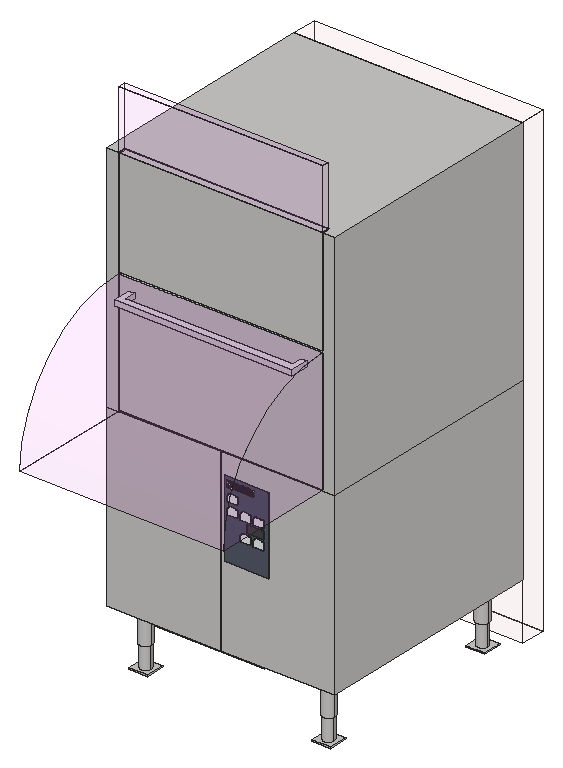
Revit family "QF_ELECTROLUX PROFESSIONAL_190898_190898", category Attrezzature speciali, Revit 2020
Family settings
  Quota connettore circolare = Usa diametro
  Tipo di parte = Normale
  Basato su piano di lavoro = No
  Sempre verticale = Sì
  Taglio con vuoti quando caricato = No
  Condiviso = No
  Punto di calcolo locali = No
Parameters
  Weight = 0.00 kg
  URL Manufacturer = "http://professional.electrolux.com/"
  URL = "http://professional.electrolux.com/"
  Show Logo [instance] = yes
  Show Clearance [instance] = yes
  Prospetto di default = 0 mm
  Produttore = "Zanussi"
  Modello = "ZPPWSLG"
  Length Actual = 1552 mm
  Item Number = "506057"
  Height Actual = 1791 mm
  Descrizione = "STEAM ELEC.POT&PAN WASH+D.PUMP+DET1550MM"
  Depth Actual = 900 mm
  Accessory = yes
Reference planes
  plane 1 "Center (Front/Back)": y = 0
  plane 2: z = 0
  plane 3: x = -63
  plane 4 "LEFT": x = -501
  plane 5: x = 375
  plane 6: y = -450
  plane 7 "BACK": y = 450
  plane 8: z = 220
  plane 9: z = 115
  plane 10: z = 1791
Forms (mm)
  Extrusion 1, solid, material "QF_Finishes_Stainless Steel"
    sketch origin (88.519, -3.5, 0) x (1, 0, 0) y (0, 1, 0)
      loop
        line (-534.519, -88.5) -> (-534.519, -308.5) -> (-94.519, -308.5) -> (-94.519, -88.5) -> (-534.519, -88.5)
    from 115 to 220
  Extrusion 2, solid, material "QF_Finishes_Stainless Steel"
    sketch origin (0, 0, 0) x (1, 0, 0) y (0, 1, 0)
      loop
        line (-501, 450) -> (-501, -450) -> (-63, -450) -> (-63, 450) -> (-501, 450)
    from 220 to 904
  Extrusion 3, solid, material "QF_Finishes_Stainless Steel"
    sketch origin (0, 0, 0) x (1, 0, 0) y (0, 1, 0)
      loop
        line (-63, 450) -> (-63, -450) -> (375, -450) -> (375, 450) -> (-63, 450)
    from 220 to 904
  Extrusion 4, solid, material "QF_Finishes_Stainless Steel"
    sketch origin (0, 0, 0) x (1, 0, 0) y (0, 1, 0)
      loop
        line (-501, 450) -> (-501, -450) -> (-453, -450) -> (-453, -418) -> (327, -418) -> (327, -450) -> (375, -450) -> (375, 450) -> (-501, 450)
    from 904 to 1791
  Extrusion 5, solid, material "QF_Finishes_Stainless Steel"
    sketch origin (0, 0, 0) x (1, 0, 0) y (0, 1, 0)
      loop
        line (-453, -450) -> (327, -450) -> (327, -420) -> (-453, -420) -> (-453, -450)
    from 909 to 1377.938
  Extrusion 6, solid, material "QF_Finishes_Stainless Steel"
    sketch origin (0, 0, 0) x (1, 0, 0) y (0, 1, 0)
      loop
        line (-453, -450) -> (327, -450) -> (327, -420) -> (-453, -420) -> (-453, -450)
    from 1384.114 to 1791
  Extrusion 7, solid, material "QF_Finishes_Door Clearance", visible <- "Show Clearance"
    sketch origin (-229, -650, 546.718) x (0, 1, 0) y (0, 0, -1)
      loop
        line (200, -357.282) -> (-274, -357.282)
        arc (-274, -357.282) -> (-135.169, -692.45) -> (200, -831.282) r 474
        line (200, -831.282) -> (200, -357.282)
    from 224 to -556
  Extrusion 8, solid, material "QF_Finishes_Door Clearance", visible <- "Show Clearance"
    sketch origin (-229, -650, 1221.218) x (0, 1, 0) y (0, 0, -1)
      loop
        line (200, -569.782) -> (200, -798.782) -> (230, -798.782) -> (230, -569.782) -> (200, -569.782)
    from 224 to -556
  Extrusion 9, solid, material "QF_Finishes_Clearance", visible <- "Show Clearance"
    sketch origin (0, 0, 0) x (1, 0, 0) y (0, 1, 0)
      loop
        line (-501, 450) -> (375, 450) -> (375, 550) -> (-501, 550) -> (-501, 450)
    from 0 to 1791
  Extrusion 10, solid, material "QF_Finishes_Stainless Steel"
    sketch origin (-756.159, 1152.464, 214.383) x (1, 0, 0) y (0, 1, 0)
      loop
        circle (701.159, -772.464) r 10
    from -9.383 to 5.617
  Extrusion 11, solid, material "QF_Finishes_Stainless Steel"
    sketch origin (207.404, -238.023, 218) x (0, -1, 0) y (1, 0, 0)
      loop
        line (-163.023, 6.596) -> (-163.023, 26.596) -> (-183.023, 26.596) -> (-183.023, 6.596) -> (-163.023, 6.596)
    from 0 to 2
  Extrusion 12, solid, material "QF_Finishes_Stainless Steel"
    sketch origin (-127.596, 216.977, 218) x (0, -1, 0) y (1, 0, 0)
      loop
        line (-163.023, 6.596) -> (-163.023, 26.596) -> (-183.023, 26.596) -> (-183.023, 6.596) -> (-163.023, 6.596)
    from 0 to 2
  Extrusion 13, solid, material "QF_Finishes_Stainless Steel"
    sketch origin (-526.159, 606.464, 214.383) x (1, 0, 0) y (0, 1, 0)
      loop
        circle (701.159, -772.464) r 10
    from -9.383 to 5.617
  Extrusion 14, solid, material "QF_Finishes_Stainless Steel"
    sketch origin (-456.159, 516.464, 214.383) x (1, 0, 0) y (0, 1, 0)
      loop
        circle (701.159, -772.464) r 10
    from -9.383 to 5.617
Dimensions and locks
  equal spacing: plane 7 "BACK", plane 1 "Center (Front/Back)", plane 6
  plane 7 "BACK" to plane 6 = 900 mm  (x2)
  plane 4 "LEFT" to plane 5 = 876 mm
  equal spacing: Extrusion 2, Extrusion 4 sketch curve, Extrusion 4 sketch curve, Extrusion 4 sketch curve
  equal spacing: plane 5, plane 3, plane 4 "LEFT"
  plane 8 to level = 220 mm
  Extrusion 1 to Extrusion 1 = 220 mm
  Extrusion 1 to plane 6 = 138 mm
  plane 10 to level = 1791 mm
  Extrusion 8 to level = 2020 mm
  Extrusion 9 to Extrusion 7 = 1374 mm
  level to Extrusion 4 = 904 mm
  aligned and locked: level to plane 2
  aligned and locked: plane 8 to Extrusion 1
  aligned and locked: Extrusion 1 to plane 9
  aligned and locked: Extrusion 2 to plane 6
  aligned and locked: plane 7 "BACK" to Extrusion 2
  aligned and locked: Extrusion 2 to plane 4 "LEFT"
  aligned and locked: Extrusion 3 sketch curve to Extrusion 2  (x2)
  aligned and locked: plane 6 to Extrusion 3 sketch curve
  aligned and locked: Extrusion 3 sketch curve to plane 5
  aligned and locked: Extrusion 2 to plane 8
  aligned and locked: Extrusion 3 to plane 8
  aligned and locked: Extrusion 4 sketch curve to Extrusion 2  (x2)
  aligned and locked: Extrusion 5 sketch curve to plane 6
  aligned and locked: Extrusion 6 sketch curve to Extrusion 5  (x4)
  aligned and locked: Extrusion 6 to Extrusion 8 sketch curve
  aligned and locked: Extrusion 8 to Extrusion 6  (x2)
Automatic sketch dimensions
  plane 4 "LEFT" to Extrusion 1 sketch curve = 55 mm
  plane 3 to Extrusion 1 sketch curve = 57 mm
  plane 6 to Extrusion 1 sketch curve = 138 mm
  plane 1 "Center (Front/Back)" to Extrusion 1 sketch curve = 92 mm
  Extrusion 2 sketch curve to plane 4 "LEFT" = 0 mm
  Extrusion 2 sketch curve to plane 3 = 0 mm
  Extrusion 2 sketch curve to plane 6 = 0 mm
  Extrusion 2 sketch curve to plane 7 "BACK" = 0 mm
  Extrusion 4 sketch curve to plane 6 = 0 mm  (x2)
  Extrusion 4 sketch curve to plane 5 = 0 mm
  plane 4 "LEFT" to Extrusion 4 sketch curve = 48 mm
  Extrusion 4 sketch curve to Extrusion 4 sketch curve = 48 mm
  Extrusion 4 sketch curve to Extrusion 4 sketch curve = 32 mm
  plane 4 "LEFT" to Extrusion 5 sketch curve = 48 mm
  Extrusion 5 sketch curve to plane 5 = 48 mm
  Extrusion 5 sketch curve to Extrusion 5 sketch curve = 30 mm
  Extrusion 7 sketch curve to plane 6 = 0 mm
  Extrusion 7 sketch curve to plane 6 = 474 mm
  plane 10 to Extrusion 7 sketch curve = 413 mm
  Extrusion 8 sketch curve to plane 6 = 0 mm
  plane 10 to Extrusion 8 sketch curve = 0 mm
  Extrusion 8 sketch curve to Extrusion 8 sketch curve = 229 mm
  Extrusion 9 sketch curve to plane 4 "LEFT" = 0 mm
  Extrusion 9 sketch curve to plane 5 = 0 mm
  Extrusion 9 sketch curve to plane 7 "BACK" = 0 mm
  Extrusion 9 sketch curve to Extrusion 9 sketch curve = 100 mm
  Extrusion 10 sketch curve to plane 5 = 430 mm
  Extrusion 10 sketch curve to plane 7 "BACK" = 70 mm
  Extrusion 11 sketch curve to plane 7 "BACK" = 505 mm
  Extrusion 11 sketch curve to Extrusion 11 sketch curve = 20 mm  (x2)
  Extrusion 11 sketch curve to plane 5 = 161 mm
  Extrusion 12 sketch curve to plane 1 "Center (Front/Back)" = 400 mm
  Extrusion 12 sketch curve to Extrusion 12 sketch curve = 20 mm  (x2)
  Extrusion 12 sketch curve to plane 5 = 496 mm
  Extrusion 13 sketch curve to plane 5 = 200 mm
  Extrusion 13 sketch curve to plane 7 "BACK" = 616 mm
  Extrusion 14 sketch curve to plane 5 = 130 mm
  Extrusion 14 sketch curve to plane 7 "BACK" = 706 mm
  radius of Extrusion 10 sketch curve = 10 mm
  radius of Extrusion 13 sketch curve = 10 mm
  radius of Extrusion 14 sketch curve = 10 mm
Nested families
  nested 1: "MANIGLIA_DISHWASHING_SQUARE" at (-73, -450, 1321) x (1, 0, 0) z (0, -1, 0), type "MANIGLIA_DISHWASHING_SQUARE"
  nested 2: "Tastierino_LARGE_ROUNCORNER_DISHWASHING_BLUE" at (37, -450, 680) x (-1, 0, 0) z (0, -1, 0), type "Tastierino_LARGE_ROUNCORNER_DISHWASHING_BLUE"
    with Show Logo yes
  nested 3: "ELX_LOGO_MONO_SMALL_WHITE" at (-34.92, -450.8, 755) x (-1, 0, 0) z (0, -1, 0), Show Logo <- "Show Logo", visible <- "Show Logo", type "ELX_LOGO_MONO_SMALL_WHITE"
    with Show Logo yes
  nested 4: "ELX_LOGO_WORDS_WHITE" at (27, -450.8, 804.211) x (1, 0, 0) z (0, -1, 0), Show Logo <- "Show Logo", visible <- "Show Logo", type "ELX_LOGO_WORDS_WHITE"
    with Show Logo yes
  nested 5: "Piedino H220X50 - DISHWASHING - MARINE" at (288, -371, 0), type "Piedino H220X50 - DISHWASHING - MARINE"
    with H 200 mm
  nested 6: "Piedino H220X50 - DISHWASHING - MARINE" at (288, 366.199, 0), type "Piedino H220X50 - DISHWASHING - MARINE"
    with H 200 mm
  nested 7: "Piedino H220X50 - DISHWASHING - MARINE" at (-414, -370.375, 0), type "Piedino H220X50 - DISHWASHING - MARINE"
    with H 200 mm
  nested 8: "Piedino H220X50 - DISHWASHING - MARINE" at (-414, 366.824, 0), type "Piedino H220X50 - DISHWASHING - MARINE"
    with H 200 mm
Connectors
  piping at (-55, 380, 205), diameter 12.9
    settings: on Extrusion 10, index 48, connector inside diameter 609.6 mm, connector length 0 mm, flow factor 0, pipe flow 0.0 L/s, pressure drop 0.0 Pa, fitting loss kfactor 0, connector angle 0.00°, fixture units 0, engagement length 0 mm, angle of deflection 0.00°, flow configuration 0, flow direction 0, fitting loss method 0, system type 29, joint type 0, gender type 0, connector reference index -1, connector utility 0, adjustable connector no, is connector primary yes, connector description "D"
  electrical at (224, -65, 218)
    settings: on Extrusion 11, index 49, voltage 0 V, apparent load 0 VA, apparent load phase1 0 VA, apparent load phase2 0 VA, apparent load phase3 0 VA, power factor 1, load classification "Altro", number of poles 1, system type 30, power factor state 1, is connector primary yes, connector utility no, sub classification motor no, connector description "EI"
  electrical at (-111, 390, 218)
    settings: on Extrusion 12, index 50, voltage 0 V, apparent load 0 VA, apparent load phase1 0 VA, apparent load phase2 0 VA, apparent load phase3 0 VA, power factor 1, load classification "Altro", number of poles 1, system type 30, power factor state 1, is connector primary no, connector utility no, sub classification motor no, connector description "EQ"
  piping at (175, -166, 205), diameter 12.9
    settings: on Extrusion 13, index 51, connector inside diameter 609.6 mm, connector length 0 mm, flow factor 0, pipe flow 0.0 L/s, pressure drop 0.0 Pa, fitting loss kfactor 0, connector angle 0.00°, fixture units 0, engagement length 0 mm, angle of deflection 0.00°, flow configuration 0, flow direction 0, fitting loss method 0, system type 29, joint type 0, gender type 0, connector reference index -1, connector utility 0, adjustable connector no, is connector primary no, connector description "HWI"
  piping at (245, -256, 205), diameter 12.9
    settings: on Extrusion 14, index 52, connector inside diameter 609.6 mm, connector length 0 mm, flow factor 0, pipe flow 0.0 L/s, pressure drop 0.0 Pa, fitting loss kfactor 0, connector angle 0.00°, fixture units 0, engagement length 0 mm, angle of deflection 0.00°, flow configuration 0, flow direction 0, fitting loss method 0, system type 29, joint type 0, gender type 0, connector reference index -1, connector utility 0, adjustable connector no, is connector primary no, connector description "XD/XR"
Definition of nested family "MANIGLIA_DISHWASHING_SQUARE"
  Parameters
    Default Elevation = 1219.2 mm
  Reference planes
    plane 1 "Centro (Fronte/Retro)": y = 0
    plane 2: z = 0
    plane 3 "Centro (Sinistra/Destra)": x = 0
    plane 4: z = 72
    plane 5: x = -340
    plane 6: x = 340
  Forms (mm)
    Extrusion 1, solid
      sketch origin (0, 0, 0) x (1, 0, 0) y (0, 1, 0)
        loop
          line (-1219.2, 1219.2) -> (-1219.2, -1219.2) -> (1219.2, -1219.2) -> (1219.2, 1219.2) -> (-1219.2, 1219.2)
      from 0 to -304.8
    Extrusion 2, solid
      sketch origin (0, 10.003, 0) x (1, 0, 0) y (0, 0, 1)
        loop
          line (-340, 0) -> (-320, 0) -> (-320, 42) -> (320, 42) -> (320, 0) -> (340, 0) -> (340, 72) -> (-340, 72) -> (-340, 0)
      from 0 to 20.005
  Dimensions and locks
    aligned and locked: plane 2 to Extrusion 1
    aligned and locked: level to Extrusion 1
Definition of nested family "Tastierino_LARGE_ROUNCORNER_DISHWASHING_BLUE"
  Parameters
    Show Logo [instance] = yes
    Default Elevation = 1219.2 mm
  Reference planes
    plane 1 "Centro (Fronte/Retro)": y = 0
    plane 2: z = 0
    plane 3 "Centro (Sinistra/Destra)": x = 0
  Forms (mm)
    Extrusion 1, solid
      sketch origin (0, 0, 0) x (1, 0, 0) y (0, 1, 0)
        loop
          line (-1219.2, 1219.2) -> (-1219.2, -1219.2) -> (1219.2, -1219.2) -> (1219.2, 1219.2) -> (-1219.2, 1219.2)
      from 0 to -304.8
    Extrusion 2, solid
      sketch origin (0, 0, 0) x (1, 0, 0) y (0, 1, 0)
        loop
          line (-84.444, 147.62) -> (-84.444, -147.62) -> (84.444, -147.62) -> (84.444, 147.62) -> (-84.444, 147.62)
        loop
          arc (-63.183, 58.723) -> (-64.598, 58.137) -> (-65.183, 56.723) r 2
          line (-65.183, 56.723) -> (-65.183, 30.723)
          arc (-65.183, 30.723) -> (-64.598, 29.308) -> (-63.183, 28.723) r 2
          line (-63.183, 28.723) -> (-40.183, 28.723)
          arc (-40.183, 28.723) -> (-29.577, 33.116) -> (-25.183, 43.723) r 15
          line (-25.183, 43.723) -> (-25.183, 56.723)
          arc (-25.183, 56.723) -> (-25.769, 58.137) -> (-27.183, 58.723) r 2
          line (-27.183, 58.723) -> (-63.183, 58.723)
        loop
          line (-65.183, 22.208) -> (-65.183, -7.792) -> (0, -7.792) -> (0, 22.208) -> (-65.183, 22.208)
        loop
          arc (-13.183, 58.723) -> (-14.598, 58.137) -> (-15.183, 56.723) r 2
          line (-15.183, 56.723) -> (-15.183, 30.723)
          arc (-15.183, 30.723) -> (-14.598, 29.308) -> (-13.183, 28.723) r 2
          line (-13.183, 28.723) -> (9.817, 28.723)
          arc (9.817, 28.723) -> (20.423, 33.116) -> (24.817, 43.723) r 15
          line (24.817, 43.723) -> (24.817, 56.723)
          arc (24.817, 56.723) -> (24.231, 58.137) -> (22.817, 58.723) r 2
          line (22.817, 58.723) -> (-13.183, 58.723)
        loop
          arc (-63.183, -16.277) -> (-64.598, -16.863) -> (-65.183, -18.277) r 2
          line (-65.183, -18.277) -> (-65.183, -44.277)
          arc (-65.183, -44.277) -> (-64.598, -45.692) -> (-63.183, -46.277) r 2
          line (-63.183, -46.277) -> (-40.183, -46.277)
          arc (-40.183, -46.277) -> (-29.577, -41.884) -> (-25.183, -31.277) r 15
          line (-25.183, -31.277) -> (-25.183, -18.277)
          arc (-25.183, -18.277) -> (-25.769, -16.863) -> (-27.183, -16.277) r 2
          line (-27.183, -16.277) -> (-63.183, -16.277)
        loop
          arc (-13.183, -16.277) -> (-14.598, -16.863) -> (-15.183, -18.277) r 2
          line (-15.183, -18.277) -> (-15.183, -44.277)
          arc (-15.183, -44.277) -> (-14.598, -45.692) -> (-13.183, -46.277) r 2
          line (-13.183, -46.277) -> (9.817, -46.277)
          arc (9.817, -46.277) -> (20.423, -41.884) -> (24.817, -31.277) r 15
          line (24.817, -31.277) -> (24.817, -18.277)
          arc (24.817, -18.277) -> (24.231, -16.863) -> (22.817, -16.277) r 2
          line (22.817, -16.277) -> (-13.183, -16.277)
        loop
          arc (36.817, -16.277) -> (35.402, -16.863) -> (34.817, -18.277) r 2
          line (34.817, -18.277) -> (34.817, -44.277)
          arc (34.817, -44.277) -> (35.402, -45.692) -> (36.817, -46.277) r 2
          line (36.817, -46.277) -> (59.817, -46.277)
          arc (59.817, -46.277) -> (70.423, -41.884) -> (74.817, -31.277) r 15
          line (74.817, -31.277) -> (74.817, -18.277)
          arc (74.817, -18.277) -> (74.231, -16.863) -> (72.817, -16.277) r 2
          line (72.817, -16.277) -> (36.817, -16.277)
        loop
          arc (36.817, -61.277) -> (35.402, -61.863) -> (34.817, -63.277) r 2
          line (34.817, -63.277) -> (34.817, -89.277)
          arc (34.817, -89.277) -> (35.402, -90.692) -> (36.817, -91.277) r 2
          line (36.817, -91.277) -> (59.817, -91.277)
          arc (59.817, -91.277) -> (70.423, -86.884) -> (74.817, -76.277) r 15
          line (74.817, -76.277) -> (74.817, -63.277)
          arc (74.817, -63.277) -> (74.231, -61.863) -> (72.817, -61.277) r 2
          line (72.817, -61.277) -> (36.817, -61.277)
      from 0 to 0.8
    Extrusion 3, solid
      sketch origin (0, 0, 0) x (1, 0, 0) y (0, 1, 0)
        loop
          line (-65.183, 22.208) -> (-65.183, -7.792) -> (0, -7.792) -> (0, 22.208) -> (-65.183, 22.208)
      from 0 to 0.8
    Extrusion 4, solid
      sketch origin (0, 0, 0) x (1, 0, 0) y (0, 1, 0)
        loop
          arc (-63.183, 58.723) -> (-64.598, 58.137) -> (-65.183, 56.723) r 2
          line (-65.183, 56.723) -> (-65.183, 30.723)
          arc (-65.183, 30.723) -> (-64.598, 29.308) -> (-63.183, 28.723) r 2
          line (-63.183, 28.723) -> (-40.183, 28.723)
          arc (-40.183, 28.723) -> (-29.577, 33.116) -> (-25.183, 43.723) r 15
          line (-25.183, 43.723) -> (-25.183, 56.723)
          arc (-25.183, 56.723) -> (-25.769, 58.137) -> (-27.183, 58.723) r 2
          line (-27.183, 58.723) -> (-63.183, 58.723)
        loop
          arc (-13.183, 58.723) -> (-14.598, 58.137) -> (-15.183, 56.723) r 2
          line (-15.183, 56.723) -> (-15.183, 30.723)
          arc (-15.183, 30.723) -> (-14.598, 29.308) -> (-13.183, 28.723) r 2
          line (-13.183, 28.723) -> (9.817, 28.723)
          arc (9.817, 28.723) -> (20.423, 33.116) -> (24.817, 43.723) r 15
          line (24.817, 43.723) -> (24.817, 56.723)
          arc (24.817, 56.723) -> (24.231, 58.137) -> (22.817, 58.723) r 2
          line (22.817, 58.723) -> (-13.183, 58.723)
        loop
          arc (-63.183, -16.277) -> (-64.598, -16.863) -> (-65.183, -18.277) r 2
          line (-65.183, -18.277) -> (-65.183, -44.277)
          arc (-65.183, -44.277) -> (-64.598, -45.692) -> (-63.183, -46.277) r 2
          line (-63.183, -46.277) -> (-40.183, -46.277)
          arc (-40.183, -46.277) -> (-29.577, -41.884) -> (-25.183, -31.277) r 15
          line (-25.183, -31.277) -> (-25.183, -18.277)
          arc (-25.183, -18.277) -> (-25.769, -16.863) -> (-27.183, -16.277) r 2
          line (-27.183, -16.277) -> (-63.183, -16.277)
        loop
          arc (-13.183, -16.277) -> (-14.598, -16.863) -> (-15.183, -18.277) r 2
          line (-15.183, -18.277) -> (-15.183, -44.277)
          arc (-15.183, -44.277) -> (-14.598, -45.692) -> (-13.183, -46.277) r 2
          line (-13.183, -46.277) -> (9.817, -46.277)
          arc (9.817, -46.277) -> (20.423, -41.884) -> (24.817, -31.277) r 15
          line (24.817, -31.277) -> (24.817, -18.277)
          arc (24.817, -18.277) -> (24.231, -16.863) -> (22.817, -16.277) r 2
          line (22.817, -16.277) -> (-13.183, -16.277)
        loop
          arc (36.817, -16.277) -> (35.402, -16.863) -> (34.817, -18.277) r 2
          line (34.817, -18.277) -> (34.817, -44.277)
          arc (34.817, -44.277) -> (35.402, -45.692) -> (36.817, -46.277) r 2
          line (36.817, -46.277) -> (59.817, -46.277)
          arc (59.817, -46.277) -> (70.423, -41.884) -> (74.817, -31.277) r 15
          line (74.817, -31.277) -> (74.817, -18.277)
          arc (74.817, -18.277) -> (74.231, -16.863) -> (72.817, -16.277) r 2
          line (72.817, -16.277) -> (36.817, -16.277)
        loop
          arc (36.817, -61.277) -> (35.402, -61.863) -> (34.817, -63.277) r 2
          line (34.817, -63.277) -> (34.817, -89.277)
          arc (34.817, -89.277) -> (35.402, -90.692) -> (36.817, -91.277) r 2
          line (36.817, -91.277) -> (59.817, -91.277)
          arc (59.817, -91.277) -> (70.423, -86.884) -> (74.817, -76.277) r 15
          line (74.817, -76.277) -> (74.817, -63.277)
          arc (74.817, -63.277) -> (74.231, -61.863) -> (72.817, -61.277) r 2
          line (72.817, -61.277) -> (36.817, -61.277)
      from 0 to 0.8
  Dimensions and locks
    aligned and locked: plane 2 to Extrusion 1
    aligned and locked: level to Extrusion 1
Definition of nested family "ELX_LOGO_MONO_SMALL_WHITE"
  Parameters (values of type "ELX_LOGO_MONO_SMALL_WHITE")
    Show Logo [instance] = yes
    Default Elevation = 1219.2 mm
  Reference planes
    plane 1 "Center (Front/Back)": y = -49
    plane 2: z = 0
    plane 3 "Center (Left/Right)": x = -9.92
  Forms (mm)
    Extrusion 1, solid
      sketch origin (0, 0, 0) x (1, 0, 0) y (0, 1, 0)
        loop
          line (-1219.2, 1219.2) -> (-1219.2, -1219.2) -> (1219.2, -1219.2) -> (1219.2, 1219.2) -> (-1219.2, 1219.2)
      from 0 to -304.8
    Extrusion 2, solid, visible <- "Show Logo"
      sketch origin (84.462, 509.781, 0) x (1, 0, 0) y (0, 1, 0)
        loop
          line (-97.736, -569.727) -> (-97.736, -547.891)
          arc (-97.736, -547.891) -> (-105.808, -558.809) -> (-97.736, -569.727) r 11.42
        loop
          arc (-96.625, -569.727) -> (-87.544, -567.663) -> (-83.169, -559.442) r 11.191
          line (-83.169, -559.442) -> (-86.782, -559.442)
          arc (-86.782, -559.442) -> (-93.235, -562.062) -> (-96.625, -568.146) r 10.49
          line (-96.625, -568.146) -> (-96.625, -569.727)
        loop
          arc (-96.625, -549.472) -> (-93.235, -555.557) -> (-86.782, -558.176) r 10.49
          line (-86.782, -558.176) -> (-83.169, -558.176)
          arc (-83.169, -558.176) -> (-87.537, -549.888) -> (-96.625, -547.611) r 11.484
          line (-96.625, -547.611) -> (-96.625, -549.472)
        loop
          line (-82.34, -570.919) -> (-82.34, -546.65) -> (-106.642, -546.65) -> (-106.642, -570.919) -> (-82.34, -570.919)
      from 0 to 1.644
  Dimensions and locks
    aligned and locked: plane 2 to Extrusion 1
    aligned and locked: level to Extrusion 1
Definition of nested family "ELX_LOGO_WORDS_WHITE"
  Parameters (values of type "ELX_LOGO_WORDS_WHITE")
    Show Logo [instance] = yes
    Default Elevation = 0 mm
  Reference planes
    plane 1 "Centro (Fronte/Retro)": y = 0
    plane 2: z = 0
    plane 3 "Centro (Sinistra/Destra)": x = 0
  Forms (mm)
    Extrusion 1, solid
      sketch origin (0, 0, 0) x (1, 0, 0) y (0, 1, 0)
        loop
          line (-1219.2, 1219.2) -> (-1219.2, -1219.2) -> (1219.2, -1219.2) -> (1219.2, 1219.2) -> (-1219.2, 1219.2)
      from 0 to -304.8
    Extrusion 2, solid, visible <- "Show Logo"
      sketch origin (0, 0, 0) x (1, 0, 0) y (0, 1, 0)
        loop
          line (-30.234, 10.561) -> (-37.67, 10.561) -> (-37.67, 1.902)
          arc (-37.67, 1.902) -> (-36.691, -0.461) -> (-34.329, -1.439) r 3.341
          line (-34.329, -1.439) -> (-30.09, -1.439) -> (-30.09, 0.503) -> (-33.845, 0.503)
          arc (-33.845, 0.503) -> (-35.079, 0.92) -> (-35.604, 2.112) r 1.615
          line (-35.604, 2.112) -> (-35.604, 3.829) -> (-30.555, 3.829) -> (-30.555, 5.779) -> (-35.604, 5.779) -> (-35.604, 8.617) -> (-30.234, 8.617) -> (-30.234, 10.561)
        loop
          line (-28.622, 10.561) -> (-28.622, -1.439) -> (-26.555, -1.439) -> (-26.555, 10.561) -> (-28.622, 10.561)
        loop
          line (16.27, 10.561) -> (16.27, -1.439) -> (18.338, -1.439) -> (18.338, 10.561) -> (16.27, 10.561)
        loop
          line (-23.137, 2.393) -> (-16.354, 2.393)
          arc (-16.354, 2.393) -> (-17.415, 6.119) -> (-21.043, 7.478) r 4.298
          arc (-21.043, 7.478) -> (-24.239, 5.857) -> (-25.151, 2.393) r 4.373
          arc (-25.151, 2.393) -> (-23.951, -0.505) -> (-21.053, -1.705) r 4.097
          arc (-21.053, -1.705) -> (-18.799, -1.372) -> (-16.908, -0.099) r 5.15
          line (-16.908, -0.099) -> (-18.133, 1.125)
          arc (-18.133, 1.125) -> (-19.74, 0.161) -> (-21.607, 0.323) r 3.039
          arc (-21.607, 0.323) -> (-22.746, 1.081) -> (-23.137, 2.393) r 2.013
        loop
          line (-23.085, 3.846) -> (-18.431, 3.846)
          arc (-18.431, 3.846) -> (-19.084, 5.22) -> (-20.519, 5.727) r 1.983
          arc (-20.519, 5.727) -> (-22.175, 5.295) -> (-23.085, 3.846) r 2.321
        loop
          line (-8.297, 4.711) -> (-6.999, 6.009)
          arc (-6.999, 6.009) -> (-8.627, 7.187) -> (-10.604, 7.539) r 4.497
          arc (-10.604, 7.539) -> (-13.621, 6.437) -> (-15.204, 3.642) r 4.652
          arc (-15.204, 3.642) -> (-12.536, -1.257) -> (-7.072, -0.127) r 4.684
          line (-7.072, -0.127) -> (-8.363, 1.163)
          arc (-8.363, 1.163) -> (-11.149, 0.242) -> (-13.145, 2.393) r 2.714
          arc (-13.145, 2.393) -> (-13.006, 4.094) -> (-11.835, 5.335) r 2.578
          arc (-11.835, 5.335) -> (-9.96, 5.621) -> (-8.297, 4.711) r 2.961
        loop
          line (-5.73, 10.561) -> (-5.73, 2.36)
          arc (-5.73, 2.36) -> (-5.551, 1.13) -> (-5.09, -0.025) r 5.301
          arc (-5.09, -0.025) -> (-3.615, -1.198) -> (-1.746, -1.445) r 3.531
          line (-1.746, -1.445) -> (-1.746, 0.492)
          arc (-1.746, 0.492) -> (-2.302, 0.534) -> (-2.82, 0.74) r 1.862
          arc (-2.82, 0.74) -> (-3.484, 1.442) -> (-3.662, 2.393) r 1.713
          line (-3.662, 2.393) -> (-3.662, 5.362) -> (-1.785, 5.362) -> (-1.785, 7.24) -> (-3.662, 7.24) -> (-3.662, 10.561) -> (-5.73, 10.561)
        loop
          arc (2.004, 3.123) -> (2.152, 3.988) -> (2.578, 4.755) r 2.607
          arc (2.578, 4.755) -> (3.817, 5.391) -> (5.208, 5.362) r 2.84
          line (5.208, 5.362) -> (5.208, 7.349)
          arc (5.208, 7.349) -> (3.39, 7.177) -> (2.004, 5.989) r 3.016
          line (2.004, 5.989) -> (2.004, 7.24) -> (-0.046, 7.24) -> (-0.046, -1.439) -> (2.004, -1.439) -> (2.004, 3.123)
        loop
          circle (10.262, 2.899) r 4.599
        loop
          circle (10.262, 2.899) r 2.787
        loop
          arc (25.793, 2.175) -> (25.283, 0.772) -> (23.898, 0.213) r 1.835
          arc (23.898, 0.213) -> (22.514, 0.772) -> (22.004, 2.175) r 1.835
          line (22.004, 2.175) -> (22.004, 7.24) -> (19.919, 7.24) -> (19.919, 2.003)
          arc (19.919, 2.003) -> (21.105, -0.701) -> (23.898, -1.659) r 3.675
          arc (23.898, -1.659) -> (26.723, -0.672) -> (27.877, 2.088) r 3.675
          line (27.877, 2.088) -> (27.877, 7.24) -> (25.793, 7.24) -> (25.793, 2.175)
        loop
          line (29.126, 7.24) -> (32.128, 3.164) -> (28.83, -1.442) -> (31.052, -1.442) -> (33.241, 1.615) -> (35.462, -1.442) -> (37.67, -1.442) -> (34.419, 3.211) -> (37.392, 7.24) -> (35.135, 7.24) -> (33.234, 4.663) -> (31.362, 7.24) -> (29.126, 7.24)
        loop
          line (-35.875, -6.414) -> (-37.523, -6.414) -> (-37.523, -10.564) -> (-36.621, -10.564) -> (-36.621, -9.135) -> (-35.625, -9.135)
          arc (-35.625, -9.135) -> (-34.509, -7.66) -> (-35.875, -6.414) r 1.372
        loop
          arc (-35.664, -8.32) -> (-35.322, -7.786) -> (-35.664, -7.253) r 0.587
          line (-35.664, -7.253) -> (-36.621, -7.253) -> (-36.621, -8.32) -> (-35.664, -8.32)
        loop
          line (-29.363, -6.414) -> (-31.04, -6.414) -> (-31.04, -10.564) -> (-30.138, -10.564) -> (-30.138, -9.135) -> (-29.265, -9.135) -> (-28.669, -10.564) -> (-27.7, -10.564) -> (-28.516, -8.814)
          arc (-28.516, -8.814) -> (-28.125, -8.347) -> (-27.994, -7.752) r 1.281
          arc (-27.994, -7.752) -> (-28.406, -6.804) -> (-29.363, -6.414) r 1.37
        loop
          line (-30.138, -7.253) -> (-30.138, -8.32) -> (-29.18, -8.32)
          arc (-29.18, -8.32) -> (-28.839, -7.786) -> (-29.18, -7.253) r 0.587
          line (-29.18, -7.253) -> (-30.138, -7.253)
        loop
          circle (-22.402, -8.489) r 2.156
        loop
          circle (-22.402, -8.489) r 1.368
        loop
          line (-16.703, -6.414) -> (-16.703, -10.564) -> (-15.823, -10.564) -> (-15.823, -9.114) -> (-14.261, -9.114) -> (-14.261, -8.184) -> (-15.823, -8.184) -> (-15.823, -7.308) -> (-14.111, -7.308) -> (-14.111, -6.414) -> (-16.703, -6.414)
        loop
          line (-10.611, -6.414) -> (-10.611, -9.216)
          arc (-10.611, -9.216) -> (-10.229, -10.166) -> (-9.284, -10.561) r 1.327
          line (-9.284, -10.561) -> (-7.945, -10.561) -> (-7.945, -9.777) -> (-9.204, -9.777)
          arc (-9.204, -9.777) -> (-9.668, -9.394) -> (-9.759, -8.799) r 0.845
          line (-9.759, -8.799) -> (-8.1, -8.799) -> (-8.1, -8.015) -> (-9.759, -8.015) -> (-9.759, -7.198) -> (-7.985, -7.198) -> (-7.985, -6.414) -> (-10.611, -6.414)
        loop
          arc (4.417, -6.94) -> (3.867, -6.489) -> (3.171, -6.345) r 1.485
          arc (3.171, -6.345) -> (2.528, -6.503) -> (2, -6.902) r 1.645
          arc (2, -6.902) -> (1.902, -7.844) -> (2.51, -8.571) r 1.217
          arc (2.51, -8.571) -> (3.021, -8.741) -> (3.506, -8.976) r 4.201
          arc (3.506, -8.976) -> (3.812, -9.337) -> (3.601, -9.761) r 0.43
          arc (3.601, -9.761) -> (3.209, -9.853) -> (2.819, -9.754) r 0.846
          arc (2.819, -9.754) -> (2.482, -9.511) -> (2.275, -9.15) r 0.983
          line (2.275, -9.15) -> (1.549, -9.489)
          arc (1.549, -9.489) -> (1.811, -9.993) -> (2.232, -10.374) r 1.595
          arc (2.232, -10.374) -> (2.71, -10.578) -> (3.227, -10.63) r 1.719
          arc (3.227, -10.63) -> (3.867, -10.503) -> (4.442, -10.197) r 2.246
          arc (4.442, -10.197) -> (4.697, -9.52) -> (4.566, -8.81) r 1.349
          arc (4.566, -8.81) -> (4.282, -8.482) -> (3.919, -8.245) r 1.564
          arc (3.919, -8.245) -> (3.46, -8.04) -> (2.99, -7.864) r 8.236
          arc (2.99, -7.864) -> (2.718, -7.441) -> (3.111, -7.128) r 0.375
          arc (3.111, -7.128) -> (3.581, -7.241) -> (3.943, -7.563) r 0.998
          line (3.943, -7.563) -> (4.417, -6.94)
        loop
          line (8.225, -6.414) -> (8.225, -10.561) -> (9.077, -10.561) -> (9.077, -6.414) -> (8.225, -6.414)
        loop
          circle (14.827, -8.488) r 1.29
        loop
          circle (14.827, -8.488) r 2.154
        loop
          line (20.548, -10.561) -> (21.409, -10.561) -> (21.409, -7.954) -> (23.306, -10.561) -> (24.135, -10.561) -> (24.135, -6.414) -> (23.274, -6.414) -> (23.274, -9.101) -> (21.377, -6.414) -> (20.548, -6.414) -> (20.548, -10.561)
        loop
          line (28.435, -10.561) -> (28.839, -9.667) -> (30.373, -9.667) -> (30.777, -10.561) -> (31.693, -10.561) -> (29.942, -6.414) -> (29.142, -6.414) -> (27.519, -10.561) -> (28.435, -10.561)
        loop
          line (29.99, -8.816) -> (29.579, -7.905) -> (29.18, -8.816) -> (29.99, -8.816)
        loop
          line (35.929, -9.777) -> (35.929, -6.414) -> (35.076, -6.414) -> (35.076, -10.561) -> (37.523, -10.561) -> (37.523, -9.777) -> (35.929, -9.777)
        loop
          arc (-1.8, -6.94) -> (-2.35, -6.489) -> (-3.046, -6.345) r 1.485
          arc (-3.046, -6.345) -> (-3.689, -6.503) -> (-4.218, -6.902) r 1.645
          arc (-4.218, -6.902) -> (-4.316, -7.844) -> (-3.708, -8.571) r 1.217
          arc (-3.708, -8.571) -> (-3.197, -8.741) -> (-2.712, -8.976) r 4.201
          arc (-2.712, -8.976) -> (-2.405, -9.337) -> (-2.616, -9.761) r 0.43
          arc (-2.616, -9.761) -> (-3.008, -9.853) -> (-3.399, -9.754) r 0.846
          arc (-3.399, -9.754) -> (-3.736, -9.511) -> (-3.942, -9.15) r 0.983
          line (-3.942, -9.15) -> (-4.668, -9.489)
          arc (-4.668, -9.489) -> (-4.407, -9.993) -> (-3.985, -10.374) r 1.595
          arc (-3.985, -10.374) -> (-3.507, -10.578) -> (-2.99, -10.63) r 1.719
          arc (-2.99, -10.63) -> (-2.351, -10.503) -> (-1.775, -10.197) r 2.246
          arc (-1.775, -10.197) -> (-1.521, -9.52) -> (-1.652, -8.81) r 1.349
          arc (-1.652, -8.81) -> (-1.936, -8.482) -> (-2.298, -8.245) r 1.564
          arc (-2.298, -8.245) -> (-2.757, -8.04) -> (-3.228, -7.864) r 8.236
          arc (-3.228, -7.864) -> (-3.5, -7.441) -> (-3.107, -7.128) r 0.375
          arc (-3.107, -7.128) -> (-2.636, -7.241) -> (-2.274, -7.563) r 0.998
          line (-2.274, -7.563) -> (-1.8, -6.94)
      from 0 to 1.644
  Dimensions and locks
    aligned and locked: plane 2 to Extrusion 1
    aligned and locked: level to Extrusion 1
Definition of nested family "Piedino H220X50 - DISHWASHING - MARINE"
  Parameters (values of type "Piedino H220X50 - DISHWASHING - MARINE")
    Default Elevation = 0 mm
    H [instance] = 200 mm
  Reference planes
    plane 1 "Centro (Fronte/Retro)": y = 0
    plane 2: z = 0
    plane 3 "Centro (Sinistra/Destra)": x = 0
    plane 4: z = 70.047
  Forms (mm)
    Revolve 1, solid
      sketch origin (55, 0, 0) x (-1, 0, 0) y (0, 0, -1)
        loop
          line (35, -5) -> (35, -90) -> (30, -90) -> (30, -220) -> (55, -220) -> (55, -5) -> (35, -5)
        axis (55, -5) -> (55, -220)
      angle from 0 to 360
    Extrusion 2, solid
      sketch origin (0, 0, 0) x (1, 0, 0) y (0, 0, 1)
        loop
          line (-35, 5) -> (-35, 0) -> (35, 0) -> (35, 5) -> (-35, 5)
      from -36.601 to 35
  Dimensions and locks
    aligned and locked: level to plane 2
